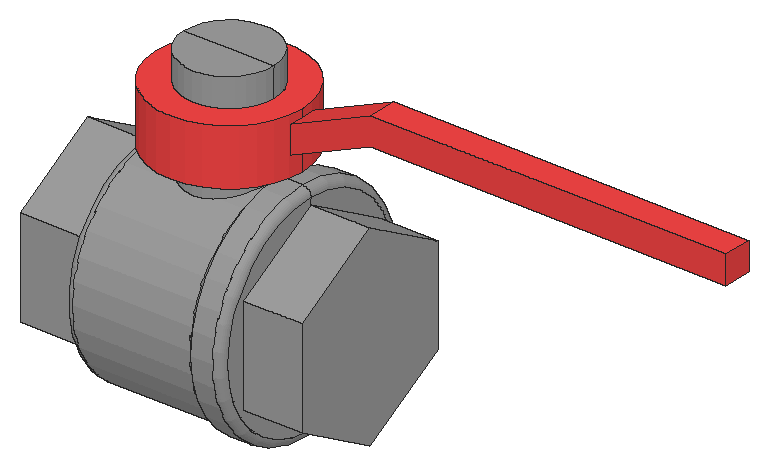
Revit family "BIMLIB_Кран_шаровой_В-Нр_РОСТерм", category Арматура трубопроводов, Revit 2017
Family settings
  Размер круглого соединителя = Использовать диаметр
  Тип детали = Клапан - Вставляется
  На основе рабочей плоскости = Нет
  Всегда вертикально = Да
  При загрузке вырезать с полостями = Нет
  Общий = Нет
Parameters (values of type "ШКР ВР-HР")
  РТ_Ширина2 [instance] = РТ_L / 4.5  # 11.111 mm
  РТ_Ширина1 [instance] = size_lookup("Valve", "РТ_F1", 11 mm, РТ_DN)  # 10.5 mm
  РТ_Радиус вентиля2 [instance] = size_lookup("Valve", "РТ_Радиус вентиля 2", 13 mm, РТ_DN)  # 13 mm
  РТ_Номинальное давление = 16.0 bar  # constant formula
  РТ_Рабочая температура = 120 °C  # constant formula
  РТ_Материал_Кран = BIMLIB_Красный_пластик_РТ
  РТ_Максимальная температура = 160 °C  # constant formula
  РТ_DN [instance] = 15 mm
  Описание = "Кран шаровой выгодно отличается от аналогов компактностью. Небольшие габариты устройства позволяют использовать механизм для полного перекрывания потока рабочей среды на участке трубопроводной магистрали, где исключается любая дополнительная нагрузка (в промышленных системах охлаждения оборудования высокой мощности и тд)."
  Изготовитель = "РОСТерм"  # constant formula
  РТ_Высота ручки [instance] = size_lookup("Valve", "РТ_Высота ручки", 5 mm, РТ_DN)  # 5 mm
  РТ_Радиус вентиля1 [instance] = size_lookup("Valve", "РТ_Радиус вентиля 1", 8 mm, РТ_DN)  # 8 mm
  РТ_CH2 [instance] = РТ_CH / 2  # 15 mm
  РТ_CH [instance] = size_lookup("Valve", "РТ_CH", 30 mm, РТ_DN)  # 30 mm
  РТ_L [instance] = size_lookup("Valve", "РТ_L", 48 mm, РТ_DN)  # 50 mm
  РТ_C2 [instance] = size_lookup("Valve", "РТ_C2", 20 mm, РТ_DN)  # 20 mm
  РТ_B [instance] = size_lookup("Valve", "РТ_B", 37 mm, РТ_DN)  # 37 mm
  РТ_A [instance] = size_lookup("Valve", "РТ_A", 50 mm, РТ_DN)  # 90 mm
  URL = "http://rostherm.ru/"
  BL_Разработано = "support@bimlib.ru"  # constant formula
  BL_Email = "rostherm@bimlib.ru"
  BL_BIM library = "https://bimlib.pro/manufacturer/rosterm/1632/"
  ADSK_Расход жидкости [instance] = 0.0 m³/h
  ADSK_Примечание = ""
  ADSK_Позиция = ""
  ADSK_Обозначение = "ГОСТ 21345-2005"  # constant formula
  ADSK_Наименование краткое [instance] = size_lookup("Valve_наим", "", "-", РТ_DN)  # "Кран шаровой ВР-НР Ду15"
  ADSK_Наименование [instance] = size_lookup("Valve", "", "-", РТ_DN)  # "Кран шаровой латунный Внутренняя - Наружная резьба Ду15 (ручка)"
  ADSK_Материал = BIMLIB_Латунь_РТ
  ADSK_Масса_Текст [instance] = ""
  ADSK_Масса [instance] = 0
  ADSK_Марка [instance] = size_lookup("Valve_наим", "", "-", РТ_DN)  # "Кран шаровой ВР-НР Ду15"
  ADSK_Код изделия [instance] = size_lookup("Valve_код", "", "-", РТ_DN)  # "ШКР ВР-НР 1/2"
  ADSK_Завод-изготовитель = "Heizen"  # constant formula
  ADSK_Единица измерения = "шт."  # constant formula
  ADSK_Версия Revit = "2017"  # constant formula
  ADSK_URL страницы изделия = "http://rostherm.ru/sharovye-krany/"
  ADSK_URL документации изделия = "http://rostherm.ru/"
Reference planes
  plane 1 "По центру (Вперед/Назад)": y = 0
  plane 2: z = 0
  plane 3 "По центру (Влево/Вправо)": x = 0
  plane 4 "Граница1": x = -25
  plane 5 "Граница2": x = 25
  plane 6: x = 14.5
  plane 7: x = -13.889
  plane 8: z = 37
  plane 9: x = 90
  plane 10 "Ручка": z = 32
  plane 11: through (0, 15.5, -8.949) normal (0, 0.5, 0.866)
  plane 12: z = -20
  plane 13: x = 9.675
  plane 14: z = 22
Forms (mm)
  Extrusion 1, solid, material "BIMLIB_Латунь_РТ" <- "ADSK_Материал", detail levels medium+fine
    sketch origin (-25, 0, 0) x (0, 1, 0) y (0, 0, 1)
      loop
        line (-15, 8.66) -> (-15, -8.66) -> (0, -17.321) -> (15, -8.66) -> (15, 8.66) -> (0, 17.321) -> (-15, 8.66)
    from 0 to 11.111
  Extrusion 2, solid, material "BIMLIB_Латунь_РТ" <- "ADSK_Материал", detail levels medium+fine
    sketch origin (25, 0, 0) x (0, 1, 0) y (0, 0, 1)
      loop
        line (0, 17.321) -> (-15, 8.66) -> (-15, -8.66) -> (0, -17.321) -> (15, -8.66) -> (15, 8.66) -> (0, 17.321)
    from 0 to -10.5
  Revolve 3, solid, material "BIMLIB_Латунь_РТ" <- "ADSK_Материал", detail levels medium+fine
    sketch origin (0, 0, 0) x (1, 0, 0) y (0, 0, 1)
      loop
        line (-13.889, 0) -> (-13.889, -17.637)
        arc (-13.889, -17.637) -> (-13.49, -18.601) -> (-12.526, -19) r 1.363
        line (-12.526, -19) -> (8.212, -19) -> (9.133, -19.922) -> (12.997, -19.922)
        arc (12.997, -19.922) -> (14.06, -19.481) -> (14.5, -18.418) r 1.503
        line (14.5, -18.418) -> (14.5, 0) -> (-13.889, 0)
      axis (-13.889, 0) -> (14.5, 0)
    angle from 0 to 360
  Revolve 4, solid, material "BIMLIB_Латунь_РТ" <- "ADSK_Материал", detail levels medium+fine
    sketch origin (0, 0, -14.253) x (1, 0, 0) y (0, 0, 1)
      loop
        line (0, 14.253) -> (0, 51.253) -> (-8, 51.253) -> (-8, 14.253) -> (0, 14.253)
      axis (0, 51.253) -> (0, 14.253)
    angle from 0 to 360
  Extrusion 5, solid, material "BIMLIB_Красный_пластик_РТ" <- "РТ_Материал_Кран", detail levels medium+fine
    sketch origin (0, 0, 32) x (-1, 0, 0) y (0, -1, 0)
      loop
        circle (0, 0) r 13
    from 0 to -10
  Extrusion 6, solid, material "BIMLIB_Красный_пластик_РТ" <- "РТ_Материал_Кран", detail levels medium+fine
    sketch origin (0, 0, 0) x (1, 0, 0) y (0, 0, 1)
      loop
        line (4.698, 27) -> (0, 27) -> (0, 22) -> (4.512, 22) -> (27.186, 32) -> (90, 32) -> (90, 37) -> (27.186, 37) -> (4.698, 27)
    from -2.5 to 2.5
Cuts and joins
  joined: Extrusion 1, Extrusion 2
Lines and regions (mm)
  model lines, detail levels medium+fine
    curve 1: line (-25, 0, 0) -> (25, 0, 0)
  reference lines, not visible
    curve 2: line (0, 0, 0) -> (0, -51.629, 0)
Dimensions and locks
  "РТ_B": plane 8 to plane 2
  equal spacing: plane 5 "Граница2", plane 3 "По центру (Влево/Вправо)", plane 4 "Граница1"
  "РТ_L": plane 5 "Граница2" to plane 4 "Граница1"
  "РТ_Ширина2": plane 7 to plane 4 "Граница1"
  "РТ_Ширина1": plane 5 "Граница2" to plane 6
  "РТ_CH2": plane 1 "По центру (Вперед/Назад)" to Extrusion 1 sketch curve
  equal spacing: Extrusion 1 sketch curve, plane 1 "По центру (Вперед/Назад)", Extrusion 1 sketch curve
  "РТ_CH2": plane 11 to Extrusion 1 sketch curve
  equal spacing: Extrusion 1 sketch curve, plane 11, Extrusion 1 sketch curve
  equal spacing: Extrusion 2 sketch curve, plane 1 "По центру (Вперед/Назад)", Extrusion 2 sketch curve
  "РТ_CH2": plane 1 "По центру (Вперед/Назад)" to Extrusion 2 sketch curve
  "РТ_CH2": Extrusion 2 sketch curve to plane 11
  equal spacing: Extrusion 2 sketch curve, plane 11, Extrusion 2 sketch curve
  "РТ_C2": level to plane 12
  Revolve 4 sketch curve to Revolve 4 sketch curve = 37 mm
  "РТ_A": plane 9 to plane 3 "По центру (Влево/Вправо)"
  locked: Revolve 3 sketch curve to plane 12 at 1
  "РТ_CH2": plane 8 to plane 14
  "РТ_Высота ручки": plane 8 to plane 10 "Ручка"
  "РТ_Высота ручки": Extrusion 6 to Extrusion 6
  equal spacing: Extrusion 6, plane 1 "По центру (Вперед/Назад)", Extrusion 6
  "РТ_Высота ручки": Extrusion 6 sketch curve to Extrusion 5
  "РТ_Радиус вентиля1": Revolve 4 sketch curve to Revolve 4 sketch curve
  "РТ_Радиус вентиля2": radius of Extrusion 5 sketch curve
  angle curve 2 to plane 2 = 0.00°
  aligned and locked: level to plane 2
  aligned and locked: plane 11 to Extrusion 1
  aligned and locked: Extrusion 2 to plane 6
  aligned and locked: Revolve 3 sketch curve to level
  aligned and locked: Revolve 4 sketch curve to plane 3 "По центру (Влево/Вправо)"
  aligned and locked: plane 7 to Extrusion 1
  aligned and locked: Extrusion 5 to plane 14
  aligned and locked: curve 1 to cut or joined group of Extrusion 1, Extrusion 2  (x2)
  aligned and locked: cut or joined group of Extrusion 1, Extrusion 2 to curve 1
  aligned and locked: plane 1 "По центру (Вперед/Назад)" to curve 2
  aligned and locked: plane 2 to curve 2
  aligned and locked: Revolve 4 to plane 8
  aligned and locked: level to Revolve 4 sketch curve
  aligned and locked: plane 14 to Extrusion 6 sketch curve
  aligned and locked: plane 3 "По центру (Влево/Вправо)" to Extrusion 6 sketch curve
Automatic sketch dimensions
  Revolve 3 sketch curve to level = 0 mm
  Revolve 3 sketch curve to plane 7 = 0 mm
  Revolve 3 sketch curve to plane 6 = 0 mm
  plane 7 to Revolve 3 sketch curve = 1.363 mm
  Revolve 3 sketch curve to plane 13 = 1.463 mm
  plane 12 to Revolve 3 sketch curve = 0.078 mm
  Revolve 3 sketch curve to plane 13 = 0.541 mm
  Revolve 3 sketch curve to plane 6 = 1.503 mm
  Revolve 3 sketch curve to plane 4 "Граница1" = 1312.99 mm
  plane 9 to Revolve 3 sketch curve = 1774.983 mm
  Extrusion 1 sketch curve to plane 1 "По центру (Вперед/Назад)" = 0 mm  (x2)
  Extrusion 1 sketch curve to plane 11 = 0 mm  (x2)
  Extrusion 2 sketch curve to plane 1 "По центру (Вперед/Назад)" = 0 mm  (x2)
  Extrusion 2 sketch curve to plane 11 = 0 mm  (x2)
  Revolve 4 sketch curve to plane 3 "По центру (Влево/Вправо)" = 0 mm
  Revolve 4 sketch curve to plane 12 = 361.631 mm
  plane 8 to Revolve 4 sketch curve = 2144.062 mm
  plane 1 "По центру (Вперед/Назад)" to Extrusion 5 sketch curve = 0 mm
  Extrusion 5 sketch curve to plane 3 "По центру (Влево/Вправо)" = 0 mm
  Extrusion 6 sketch curve to plane 8 = 0 mm
  Extrusion 6 sketch curve to plane 10 "Ручка" = 0 mm
  plane 9 to Extrusion 6 sketch curve = 0 mm
  plane 3 "По центру (Влево/Вправо)" to Extrusion 6 sketch curve = 4.512 mm
  plane 3 "По центру (Влево/Вправо)" to Extrusion 6 sketch curve = 4.698 mm
  plane 5 "Граница2" to Extrusion 6 sketch curve = 2.186 mm  (x2)
Nested families
  nested 1: "УГО_Фронт" at (0, 0, 0), Длина <- "РТ_L", type "УГО_Фронт", detail levels coarse
    with Длина 50 mm
  nested 2: "УГО" at (0, 0, 0), Длина <- "РТ_L", type "УГО", detail levels coarse
    with Длина 50 mm
Connectors
  piping at (-25, 0, 0), diameter 15, driven by "РТ_DN", driven by "ADSK_Расход жидкости"
    settings: on cut or joined group of Extrusion 1, Extrusion 2, index 1, connector inside diameter 609.6 mm, connector length 0 mm, flow factor 0, pipe flow 0.0 m³/h, pressure drop 0.0 bar, fitting loss kfactor 0, connector angle 0.00°, fixture units 0, engagement length 0 mm, angle of deflection 0.00°, flow configuration 0, flow direction 0, fitting loss method 0, system type 29, joint type 0, gender type 0, connector reference index 2, connector utility 0, adjustable connector no, is connector primary yes, connector description ""
  piping at (25, 0, 0), diameter 15, driven by "РТ_DN", driven by "ADSK_Расход жидкости"
    settings: on cut or joined group of Extrusion 1, Extrusion 2, index 2, connector inside diameter 609.6 mm, connector length 0 mm, flow factor 0, pipe flow 0.0 m³/h, pressure drop 0.0 bar, fitting loss kfactor 0, connector angle 0.00°, fixture units 0, engagement length 0 mm, angle of deflection 0.00°, flow configuration 0, flow direction 0, fitting loss method 0, system type 29, joint type 0, gender type 0, connector reference index 1, connector utility 0, adjustable connector no, is connector primary no, connector description ""
Definition of nested family "УГО_Фронт"
  Parameters (values of type "УГО_Фронт")
    Loss Method = (empty or 0)
    Длина [instance] = 100 mm
  Reference planes
    plane 1 "Centro (Fronte/Retro)": y = 0
    plane 2: z = 0
    plane 3 "Centro (Sinistra/Destra)": x = 0
    plane 4: through (4267.2, 0, 0) normal (0, -0.7071, 0.7071)
    plane 5: x = 50
    plane 6: x = -50
  Lines and regions (mm)
    model lines, detail levels coarse
      curve 1: line (50, 0, -30) -> (50, 0, 30)
      curve 2: line (-50, 0, -30) -> (-50, 0, 30)
      curve 3: line (50, 0, 30) -> (-50, 0, -30)
      curve 4: line (-50, 0, 30) -> (50, 0, -30)
  Dimensions and locks
    equal spacing: plane 5, plane 3 "Centro (Sinistra/Destra)", plane 6
    "Длина": plane 5 to plane 6
    aligned and locked: level to plane 2
  Automatic sketch dimensions
    curve 3 to plane 6 = 0 mm
    curve 3 to plane 5 = 0 mm
    level to curve 1 = 30 mm
    curve 3 to level = 30 mm
    curve 4 to level = 30 mm
    level to curve 2 = 30 mm
Definition of nested family "УГО"
  Parameters (values of type "УГО")
    Loss Method = (empty or 0)
    Длина [instance] = 100 mm
  Reference planes
    plane 1 "Centro (Fronte/Retro)": y = 0
    plane 2: z = 0
    plane 3 "Centro (Sinistra/Destra)": x = 0
    plane 4: through (4267.2, 0, 0) normal (0, -0.7071, 0.7071)
    plane 5: x = 50
    plane 6: x = -50
  Lines and regions (mm)
    symbolic lines
      curve 1: line (-50, -40, 0) -> (50, 40, 0)
      curve 2: line (50, -40, 0) -> (-50, 40, 0)
      curve 3: line (50, 40, 0) -> (50, -40, 0)
      curve 4: line (-50, 40, 0) -> (-50, -40, 0)
  Dimensions and locks
    equal spacing: plane 5, plane 3 "Centro (Sinistra/Destra)", plane 6
    "Длина": plane 5 to plane 6
    aligned and locked: level to plane 2
    aligned and locked: curve 3 to plane 5
    aligned and locked: curve 4 to plane 6
  Automatic sketch dimensions
    plane 1 "Centro (Fronte/Retro)" to curve 3 = 40 mm
    plane 1 "Centro (Fronte/Retro)" to curve 4 = 40 mm
    curve 4 to plane 1 "Centro (Fronte/Retro)" = 40 mm
    curve 1 to plane 1 "Centro (Fronte/Retro)" = 40 mm
